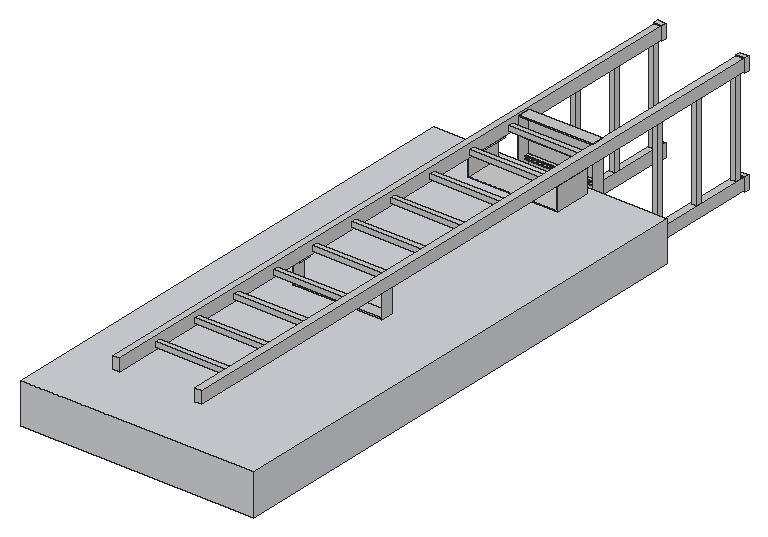
Revit family
Parameters (values of type "Standard")
  Wall To Center Line Of Return Ladder [instance] = 0' - 7"
  Version = "1"
  Tread Lenght [instance] = Ladder Width - 0' 0 1/4"  # 1' - 6 1/8"
  Top of Decking [instance] = 10' - 0"
  Top Support Offset from Decking [instance] = 0' - 6 5/8"  # constant formula
  Series = "Access Ladders"
  Return Support Offset from Decking [instance] = 1' - 0"
  Rungs Quantity Control [instance] = if(Top of Decking - Off Floor Clearance - ((Rungs Quantity - 1) * 12' 0") > 1' 2", Rungs Quantity + 1, Rungs Quantity)  # 10
  Rungs Quantity [instance] = (Top of Decking - Off Floor Clearance) / 1' 0" + 0.49  # 10
  Wall To Center Line Of Ladder [instance] = 0' - 7"
  URL = "http://www.okeeffes.com/"
  Return Rungs Quantity Control [instance] = if(Return Depth - ((Return Rungs Quantity - 1) * 12' 0") > 1' 2", Return Rungs Quantity + 1, Return Rungs Quantity)  # 3
  Return Rungs Quantity [instance] = (Return Depth / 1' 0") + 0.49  # 3
  Return Depth [instance] = 3' - 0"
  Product Page URL = "http://www.okeeffes.com/ladders/details/lad503.pdf"
  Platform Tread Width [instance] = Ladder Width - 0' 0 1/4"  # 1' - 6 1/8"
  Platform Tread Quantity [instance] = (Platform Length / 0' 4 1/2") - 0.49  # 6
  Platform Tread Position [instance] = ((Platform Length - ((0' 4 1/2" * (Platform Tread Quantity - 1)) + 0' 4 1/8")) / 2) + (0' 4 1/8" / 2)  # 0' - 3 1/4"
  Platform Length [instance] = Wall To Center Line Of Ladder + Wall To Center Line Of Return Ladder + Parapet Width + 0' 3"  # 2' - 5"
  Parapet Width [instance] = 1' - 0"
  Overall Width [instance] = Ladder Width + (0' 1 3/4" * 2)  # 1' - 9 7/8"
  Overall Length [instance] = Wall To Center Line Of Ladder + Wall To Center Line Of Return Ladder + Parapet Width + 0' 3"  # 2' - 5"
  Overall Height [instance] = Top of Decking + 0' 5" + 3' 6"  # 13' - 11"
  On Floor Support [instance] = not(Off Floor Support)  # yes
  Bottom Support Offset from Floor [instance] = 1' - 2"
  Off Floor Support [instance] = no
  Model = "503"
  Middle Support Offset from Floor [instance] = if(Off Floor Support, (Top of Decking - Top Support Offset from Decking + Bottom Support Offset from Floor) / 2, (Top of Decking - Top Support Offset from Decking) / 2)  # 4' - 8 11/16"
  Manufacturer = "O'Keeffe's, Inc."  # constant formula
  Off Floor Clearance [instance] = if(Off Floor Support, 0' 4", 0' 0")  # 0' - 0"
  Ladder Width [instance] = 1' - 6 3/8"
  Ladder Material = Aluminum-O'Keeffe's-Standard Mill Finish
  Description = "Tubular Rail High Parapet Access Ladder with Platform and Return"
  Default Elevation = 0' - 0"
  Assembly Code = "B1010700"
Reference planes (in)
  plane 1 "Top of Parapet": y = 63.6915
  plane 2: z = 0
  plane 3 "Center (Left/Right)": x = 0
  plane 4: x = -9.1875
  plane 5: x = 9.1875
  plane 6: x = 10.9375
  plane 7: x = -10.9375
  plane 8: z = 7
  plane 9 "Bottom": y = -56.3085
  plane 10 "Clearence": y = -56.3085
  plane 11: y = 57.0665
  plane 12 "Top": y = 110.6915
  plane 13: y = 96.1915
  plane 14: y = 84.1915
  plane 15: y = 108.1915
  plane 16 "Return Ladder Bottom": y = 27.6915
  plane 17 "Return Ladder CL": z = -19
  plane 18: z = -20.5
  plane 19 "Back": z = -12
  plane 20 "Platform Top": y = 68.6915
  plane 21: z = -19.5
  plane 22: z = 7.5
  plane 23: z = 5.5
  plane 24: y = 51.6915
  plane 25: z = -17.5
  plane 26: y = -42.3085
  plane 27: z = 5.5
  plane 28: y = 0.379
  plane 29: z = 5.5
  plane 30: x = 8.1875
  plane 31: y = 68.5665
  plane 32: z = 8.625
  plane 33 "Tread Position": z = 5.375
Forms (in)
  Extrusion 1, solid
    sketch origin (0, 0, 0) x (1, 0, 0) y (0, 1, 0)
      loop
        line (-28.25, 63.6915) -> (-28.25, -62.96955) -> (28.87372, -62.96955) -> (28.87372, 63.6915) -> (-28.25, 63.6915)
    from 0 to -10
  Extrusion 2, solid, material "Aluminum-O'Keeffe's-Standard Mill Finish", detail levels fine
    sketch origin (0, 110.6915, 0) x (-1, 0, 0) y (0, 0, 1)
      loop
        line (-11.0625, 8.75) -> (-11.0625, 5.5) -> (-9.0625, 5.5) -> (-9.0625, 8.75) -> (-11.0625, 8.75)
      loop
        line (11.0625, 5.5) -> (11.0625, 8.75) -> (9.0625, 8.75) -> (9.0625, 5.5) -> (11.0625, 5.5)
    from 0.1875 to -1
  Sweep 3, solid, material "Aluminum-O'Keeffe's-Standard Mill Finish" <- "Ladder Material"
    path origin (0, 0, 0) x (1, 0, 0) y (0, 1, 0)
      loop
        line (0, 110.6915) -> (0, -56.3085)
    profile origin (0, 27.1915, 0) x (1, 0, 0) y (0, 0, 1)
      loop
        line (10.9375, 5.625) -> (10.9375, 8.625) -> (9.1875, 8.625) -> (9.1875, 5.625) -> (10.9375, 5.625)
      loop
        line (-10.9375, 5.625) -> (-9.1875, 5.625) -> (-9.1875, 8.625) -> (-10.9375, 8.625) -> (-10.9375, 5.625)
  Sweep 4, solid, material "Aluminum-O'Keeffe's-Standard Mill Finish" <- "Ladder Material"
    path origin (0, 0, 0) x (1, 0, 0) y (0, 1, 0)
      loop
        line (0, 110.6915) -> (0, 27.6915)
    profile origin (0, 69.1915, 0) x (1, 0, 0) y (0, 0, 1)
      loop
        line (10.9375, -17.5) -> (9.1875, -17.5) -> (9.1875, -20.5) -> (10.9375, -20.5) -> (10.9375, -17.5)
      loop
        line (-10.9375, -20.5) -> (-9.1875, -20.5) -> (-9.1875, -17.5) -> (-10.9375, -17.5) -> (-10.9375, -20.5)
  Extrusion 5, solid, material "Aluminum-O'Keeffe's-Standard Mill Finish", detail levels fine
    sketch origin (0, 110.6915, 0) x (-1, 0, 0) y (0, 0, 1)
      loop
        line (-11.0625, -17.375) -> (-11.0625, -20.625) -> (-9.0625, -20.625) -> (-9.0625, -17.375) -> (-11.0625, -17.375)
      loop
        line (11.0625, -17.375) -> (9.0625, -17.375) -> (9.0625, -20.625) -> (11.0625, -20.625) -> (11.0625, -17.375)
    from 0.1875 to -1
  Sweep 6, solid, material "Aluminum-O'Keeffe's-Standard Mill Finish" <- "Ladder Material"
    path origin (0, 68.6915, 0) x (-1, 0, 0) y (0, 0, 1)
      loop
        line (-9.1875, -20.5) -> (9.1875, -20.5) -> (9.1875, 8.5) -> (-9.1875, 8.5) -> (-9.1875, -20.5)
    profile origin (9.1875, 68.6915, -6) x (1, 0, 0) y (0, 1, 0)
      loop
        line (-1, 0) -> (-1, -0.125) -> (-0.125, -0.125) -> (-0.125, -3) -> (0, -3) -> (0, 0) -> (-1, 0)
  Sweep 7, solid, material "Aluminum-O'Keeffe's-Standard Mill Finish" <- "Ladder Material"
    path origin (0, 0, 0) x (0, 1, 0) y (0, 0, 1)
      loop
        line (96.1915, -19) -> (96.1915, 7)
    profile origin (0, 96.1915, -6) x (0, -1, 0) y (1, 0, 0)
      loop
        line (0.625, -10.6875) -> (0.625, -9.4375) -> (-0.625, -9.4375) -> (-0.625, -10.6875) -> (0.625, -10.6875)
      loop
        line (0.625, 10.6875) -> (-0.625, 10.6875) -> (-0.625, 9.4375) -> (0.625, 9.4375) -> (0.625, 10.6875)
      loop
        line (-11.375, -10.6875) -> (-11.375, -9.4375) -> (-12.625, -9.4375) -> (-12.625, -10.6875) -> (-11.375, -10.6875)
      loop
        line (-11.375, 10.6875) -> (-12.625, 10.6875) -> (-12.625, 9.4375) -> (-11.375, 9.4375) -> (-11.375, 10.6875)
      loop
        line (11.375, -10.6875) -> (12.625, -10.6875) -> (12.625, -9.4375) -> (11.375, -9.4375) -> (11.375, -10.6875)
      loop
        line (11.375, 10.6875) -> (11.375, 9.4375) -> (12.625, 9.4375) -> (12.625, 10.6875) -> (11.375, 10.6875)
  Sweep 8, solid, material "Aluminum-O'Keeffe's-Standard Mill Finish" <- "Ladder Material"
    path origin (0, 0, 0) x (1, 0, 0) y (0, 1, 0)
      loop
        line (0, 61.5665) -> (0, 52.5665)
    profile origin (0, 57.0665, 0) x (1, 0, 0) y (0, 0, 1)
      loop
        line (9.1875, 5.3125) -> (10.75, 5.3125) -> (10.75, 0.1875) -> (-10.75, 0.1875) -> (-10.75, 5.3125) -> (-9.1875, 5.3125) -> (-9.1875, 5.5) -> (-10.9375, 5.5) -> (-10.9375, 0) -> (10.9375, 0) -> (10.9375, 5.5) -> (9.1875, 5.5) -> (9.1875, 5.3125)
  Sweep 9, solid, material "Aluminum-O'Keeffe's-Standard Mill Finish" <- "Ladder Material"
    path origin (0, 0, -12) x (0, 1, 0) y (-1, 0, 0)
      loop
        line (56.1915, 0) -> (47.1915, 0)
    profile origin (0, 51.6915, -12) x (1, 0, 0) y (0, 0, 1)
      loop
        line (-10.75, -0.1875) -> (10.75, -0.1875) -> (10.75, -5.3125) -> (9.1875, -5.3125) -> (9.1875, -5.5) -> (10.9375, -5.5) -> (10.9375, 0) -> (-10.9375, 0) -> (-10.9375, -5.5) -> (-9.1875, -5.5) -> (-9.1875, -5.3125) -> (-10.75, -5.3125) -> (-10.75, -0.1875)
  Sweep 10, solid, material "Aluminum-O'Keeffe's-Standard Mill Finish" <- "Ladder Material", visible <- "Off Floor Support"
    path origin (0, 0, 0) x (1, 0, 0) y (0, 1, 0)
      loop
        line (0, -37.8085) -> (0, -46.8085)
    profile origin (0, -42.3085, 0) x (1, 0, 0) y (0, 0, 1)
      loop
        line (9.1875, 5.3125) -> (10.75, 5.3125) -> (10.75, 0.1875) -> (-10.75, 0.1875) -> (-10.75, 5.3125) -> (-9.1875, 5.3125) -> (-9.1875, 5.5) -> (-10.9375, 5.5) -> (-10.9375, 0) -> (10.9375, 0) -> (10.9375, 5.5) -> (9.1875, 5.5) -> (9.1875, 5.3125)
  Sweep 11, solid, material "Aluminum-O'Keeffe's-Standard Mill Finish" <- "Ladder Material"
    path origin (0, 0, 0) x (1, 0, 0) y (0, 1, 0)
      loop
        line (0, 1.879) -> (0, -1.121)
    profile origin (0, 0.379, 0) x (1, 0, 0) y (0, 0, 1)
      loop
        line (9.1875, 5.3125) -> (10.75, 5.3125) -> (10.75, 0.1875) -> (-10.75, 0.1875) -> (-10.75, 5.3125) -> (-9.1875, 5.3125) -> (-9.1875, 5.5) -> (-10.9375, 5.5) -> (-10.9375, 0) -> (10.9375, 0) -> (10.9375, 5.5) -> (9.1875, 5.5) -> (9.1875, 5.3125)
Cuts and joins
  joined: Sweep 4, Sweep 7
Lines and regions (in)
  Masking region 1
    outline origin (0, -56.3085, 0) x (-1, 0, 0) y (0, 0, 1)
      loop
        line (-11.0625, 8.75) -> (-11.0625, 5.5) -> (-10.6875, 5.5) -> (-10.6875, -17.375) -> (-11.0625, -17.375) -> (-11.0625, -20.625) -> (-9.0625, -20.625) -> (-9.0625, -17.375) -> (-9.4375, -17.375) -> (-9.4375, 5.5) -> (-9.0625, 5.5) -> (-9.0625, 8.75) -> (-11.0625, 8.75)
      loop
        line (9.0625, 8.75) -> (9.0625, 5.5) -> (9.4375, 5.5) -> (9.4375, -17.375) -> (9.0625, -17.375) -> (9.0625, -20.625) -> (11.0625, -20.625) -> (11.0625, -17.375) -> (10.6875, -17.375) -> (10.6875, 5.375) -> (11.0625, 5.375) -> (11.0625, 8.75) -> (9.0625, 8.75)
  Masking region 2
    outline origin (0, -56.3085, 0) x (-1, 0, 0) y (0, 0, 1)
      loop
        line (9.0625, 8.5) -> (-9.0625, 8.5) -> (-9.0625, 5.5) -> (-9.1875, 5.5) -> (-9.1875, -17.375) -> (-9.0625, -17.375) -> (-9.0625, -20.5) -> (9.0625, -20.5) -> (9.0625, -17.375) -> (9.1875, -17.375) -> (9.1875, 7.5) -> (9.0625, 7.5) -> (9.0625, 8.5)
      loop
        line (-8.1875, 7.5) -> (-8.1875, -19.5) -> (8.1875, -19.5) -> (8.1875, 7.5) -> (-8.1875, 7.5)
  symbolic lines, detail levels medium+fine
    curve 1: line (11.0625, -56.3085, 5.375) -> (9.0625, -56.3085, 5.375)
    curve 2: line (-9.0625, -56.3085, 5.375) -> (-11.0625, -56.3085, 5.375)
    curve 3: line (-11.0625, -56.3085, -17.375) -> (-9.0625, -56.3085, -17.375)
    curve 4: line (9.0625, -56.3085, -17.375) -> (11.0625, -56.3085, -17.375)
Dimensions and locks (in)
  equal spacing: plane 4, plane 3 "Center (Left/Right)", plane 5
  "Ladder Width": plane 4 to plane 5
  "Wall To Center Line Of Ladder": plane 8 to Extrusion 1
  "Off Floor Clearance": plane 10 "Clearence" to plane 9 "Bottom"
  locked: plane 5 to Extrusion 2 sketch curve at 0.125
  locked: plane 6 to Extrusion 2 sketch curve at 0.125
  locked: Extrusion 2 sketch curve to plane 7 at 0.125
  "Top Support Offset from Decking": plane 11 to plane 1 "Top of Parapet"
  locked: plane 18 to plane 17 "Return Ladder CL" at 1.5
  locked: Sweep 3 sketch curve to Sweep 3 sketch curve at 3  (x2)
  "Parapet Width": plane 2 to plane 19 "Back"
  locked: plane 18 to Sweep 4 sketch curve at 3  (x2)
  locked: Sweep 4 to Extrusion 5 sketch curve at 0.125  (x2)
  locked: Extrusion 5 sketch curve to plane 18 at 0.125  (x2)
  locked: Extrusion 5 sketch curve to plane 6 at 0.125
  locked: plane 5 to Extrusion 5 sketch curve at 0.125
  locked: Extrusion 5 sketch curve to plane 7 at 0.125
  locked: Extrusion 5 sketch curve to plane 4 at 0.125
  Extrusion 5 sketch curve to plane 18 = 0' - 0 1/8"
  "Return Depth": plane 16 "Return Ladder Bottom" to plane 1 "Top of Parapet"
  locked: plane 21 to plane 18 at 1
  locked: plane 1 "Top of Parapet" to plane 20 "Platform Top" at 5
  "Top of Decking": plane 1 "Top of Parapet" to plane 9 "Bottom"
  locked: plane 4 to Extrusion 2 sketch curve at 0.125
  locked: Sweep 3 to Extrusion 2 sketch curve at 0.125
  locked: plane 12 "Top" to plane 15 at 2.5
  locked: plane 12 "Top" to plane 20 "Platform Top" at 42
  plane 15 to plane 13 to plane 14 = 1' - 0" locked, 1' - 0" locked
  locked: Extrusion 2 to plane 12 "Top" at 0.1875
  locked: Extrusion 2 to plane 12 "Top" at 1
  Extrusion 5 to plane 12 "Top" to Extrusion 5 = 0' - 0 3/16", 0' - 1"
  locked: Sweep 7 sketch curve to plane 4 at 0.25
  locked: plane 7 to Sweep 7 sketch curve at 0.25
  equal spacing: Sweep 7 sketch curve, plane 13, Sweep 7 sketch curve, locked at 0.625 each  (x2)
  locked: Sweep 7 sketch curve to plane 6 at 0.25
  locked: plane 5 to Sweep 7 sketch curve at 0.25
  equal spacing: Sweep 7 sketch curve, plane 15, Sweep 7 sketch curve, locked at 0.625 each  (x2)
  Sweep 7 sketch curve to plane 14 to Sweep 7 sketch curve = 0' - 0 5/8" locked, 0' - 0 5/8" locked  (x2)
  "Wall To Center Line Of Return Ladder": plane 19 "Back" to plane 17 "Return Ladder CL"
  equal spacing: Sweep 8 sketch curve, plane 11, Sweep 8 sketch curve, locked at 4.5 each
  locked: plane 23 to plane 8 at 1.5
  locked: Sweep 8 sketch curve to plane 23 at 0.1875  (x2)
  locked: plane 7 to Sweep 8 sketch curve at 0.1875
  locked: plane 6 to Sweep 8 sketch curve at 0.1875
  locked: plane 2 to Sweep 8 sketch curve at 0.1875
  equal spacing: plane 6, profile plane, plane 7  (x4)
  locked: plane 17 "Return Ladder CL" to plane 25 at 1.5
  locked: plane 25 to Sweep 9 sketch curve at 0.1875  (x2)
  locked: Sweep 9 sketch curve to plane 19 "Back" at 0.1875
  locked: plane 7 to Sweep 9 sketch curve at 0.1875
  locked: plane 6 to Sweep 9 sketch curve at 0.1875
  locked: Sweep 9 sketch curve to Sweep 9 sketch curve at 9
  locked: Sweep 9 sketch curve to plane 24 at 4.5
  "Return Support Offset from Decking": plane 24 to plane 1 "Top of Parapet"
  locked: plane 27 to plane 8 at 1.5
  locked: Sweep 10 sketch curve to plane 27 at 0.1875  (x2)
  locked: plane 2 to Sweep 10 sketch curve at 0.1875
  locked: plane 7 to Sweep 10 sketch curve at 0.1875
  locked: plane 6 to Sweep 10 sketch curve at 0.1875
  locked: Sweep 10 sketch curve to Sweep 10 sketch curve at 9
  locked: Sweep 10 sketch curve to plane 26 at 4.5
  "Bottom Support Offset from Floor": plane 26 to plane 9 "Bottom"
  locked: Sweep 11 sketch curve to Sweep 11 sketch curve at 3
  locked: Sweep 11 sketch curve to plane 28 at 1.5
  locked: plane 2 to Sweep 11 sketch curve at 0.1875
  locked: plane 7 to Sweep 11 sketch curve at 0.1875
  locked: plane 6 to Sweep 11 sketch curve at 0.1875
  locked: plane 29 to plane 8 at 1.5
  locked: Sweep 11 sketch curve to plane 29 at 0.1875  (x2)
  plane 12 "Top" to plane 9 "Bottom" = 13' - 11"
  "Middle Support Offset from Floor": plane 28 to plane 9 "Bottom"
  equal spacing: group 10, group 9, group 8, group 7, group 6, group 5, group 4, group 3, group 2, group 1  (x3)
  locked: nested 3 to nested 1 at 12
  equal spacing: group 11, group 12, group 13
  equal spacing: group 13, group 12, group 11  (x2)
  locked: nested 12 to nested 2 at 12
  locked: Sweep 6 sketch curve to profile plane at 0.125
  locked: profile plane to Sweep 6 sketch curve at 3
  locked: plane 20 "Platform Top" to plane 31 at 0.125
  locked: Sweep 6 sketch curve to plane 5 at 0.125
  locked: plane 30 to plane 5 at 1
  Extrusion 5 to plane 12 "Top" to Extrusion 5 = 0' - 0 3/16" locked, 0' - 1" locked
  "Platform Tread Position": plane 33 "Tread Position" to plane 32
  locked: plane 8 to plane 32 at 1.625
  locked: plane 22 to plane 8 at 0.5
  locked: plane 7 to plane 4 at 1.75
  locked: plane 5 to plane 6 at 1.75
  aligned and locked: plane 2 to Extrusion 1
  aligned and locked: level to Extrusion 1
  aligned and locked: Extrusion 2 sketch curve to Extrusion 2 sketch curve  (x2)
  aligned and locked: Sweep 3 sketch curve to plane 3 "Center (Left/Right)"
  aligned and locked: plane 12 "Top" to Sweep 3 sketch curve
  aligned and locked: plane 10 "Clearence" to Sweep 3 sketch curve
  aligned and locked: Sweep 3 sketch curve to plane 6
  aligned and locked: plane 5 to Sweep 3 sketch curve
  aligned and locked: Sweep 4 sketch curve to plane 3 "Center (Left/Right)"
  aligned and locked: plane 12 "Top" to Sweep 4 sketch curve
  aligned and locked: plane 16 "Return Ladder Bottom" to Sweep 4 sketch curve
  aligned and locked: plane 6 to Sweep 4 sketch curve
  aligned and locked: plane 18 to Sweep 4 sketch curve  (x2)
  aligned and locked: Sweep 4 sketch curve to plane 5
  aligned and locked: Sweep 4 sketch curve to plane 7
  aligned and locked: plane 4 to Sweep 4 sketch curve
  aligned and locked: profile plane to plane 20 "Platform Top"
  aligned and locked: Sweep 7 sketch curve to plane 13
  aligned and locked: plane 8 to Sweep 7 sketch curve
  aligned and locked: plane 17 "Return Ladder CL" to Sweep 7 sketch curve
  aligned and locked: Sweep 7 sketch curve to Sweep 7 sketch curve  (x8)
  aligned and locked: cut or joined group of Sweep 4, Sweep 7 to Masking region 1 sketch curve  (x4)
  aligned and locked: Masking region 1 sketch curve to Extrusion 5  (x8)
  aligned and locked: curve 3 to Extrusion 5
  aligned and locked: curve 4 to Extrusion 5
  aligned and locked: Masking region 2 sketch curve to Extrusion 5  (x2)
  aligned and locked: Extrusion 5 to Masking region 2 sketch curve  (x2)
  aligned and locked: Sweep 8 sketch curve to plane 3 "Center (Left/Right)"
  aligned and locked: Sweep 8 sketch curve to plane 6
  aligned and locked: plane 2 to Sweep 8 sketch curve
  aligned and locked: plane 7 to Sweep 8 sketch curve
  aligned and locked: Sweep 8 sketch curve to plane 4
  aligned and locked: plane 5 to Sweep 8 sketch curve
  aligned and locked: profile plane to plane 3 "Center (Left/Right)"  (x4)
  aligned and locked: plane 23 to Sweep 8 sketch curve  (x2)
  aligned and locked: Sweep 9 sketch curve to plane 3 "Center (Left/Right)"
  aligned and locked: profile plane to plane 19 "Back"
  aligned and locked: plane 7 to Sweep 9 sketch curve
  aligned and locked: Sweep 9 sketch curve to plane 4
  aligned and locked: Sweep 9 sketch curve to plane 19 "Back"
  aligned and locked: Sweep 9 sketch curve to plane 6
  aligned and locked: plane 5 to Sweep 9 sketch curve
  aligned and locked: Sweep 10 sketch curve to plane 3 "Center (Left/Right)"
  aligned and locked: plane 7 to Sweep 10 sketch curve
  aligned and locked: Sweep 10 sketch curve to level
  aligned and locked: Sweep 10 sketch curve to plane 6
  aligned and locked: plane 5 to Sweep 10 sketch curve
  aligned and locked: Sweep 10 sketch curve to plane 4
  aligned and locked: Sweep 11 sketch curve to plane 3 "Center (Left/Right)"
  aligned and locked: Sweep 11 sketch curve to plane 4
  aligned and locked: plane 7 to Sweep 11 sketch curve
  aligned and locked: plane 2 to Sweep 11 sketch curve
  aligned and locked: Sweep 11 sketch curve to plane 6
  aligned and locked: plane 5 to Sweep 11 sketch curve
  aligned and locked: plane 29 to Sweep 11 sketch curve  (x2)
  aligned and locked: nested 1 to plane 1 "Top of Parapet"
  aligned and locked: nested 2 to plane 1 "Top of Parapet"
  aligned and locked: Masking region 2 sketch curve to plane 22
  aligned and locked: Extrusion 2 to Masking region 2 sketch curve  (x2)
  aligned and locked: Masking region 1 sketch curve to Extrusion 2  (x8)
  aligned and locked: Extrusion 2 to Masking region 1 sketch curve
  aligned and locked: Masking region 2 sketch curve to Extrusion 2
  aligned and locked: Sweep 6 sketch curve to plane 5  (x2)
  aligned and locked: Sweep 6 sketch curve to plane 4
  aligned and locked: plane 18 to Sweep 6 sketch curve
  aligned and locked: profile plane to plane 5
  aligned and locked: Sweep 6 sketch curve to plane 20 "Platform Top"
  aligned and locked: Sweep 6 sketch curve to plane 30
  aligned and locked: Sweep 3 sketch curve to plane 4
  aligned and locked: plane 7 to Sweep 3 sketch curve
  aligned and locked: Masking region 2 sketch curve to Sweep 6  (x4)
  aligned and locked: plane 8 to nested 11
  aligned and locked: plane 8 to nested 1
  aligned and locked: nested 13 to plane 17 "Return Ladder CL"
  aligned and locked: nested 2 to plane 17 "Return Ladder CL"
  aligned and locked: plane 3 "Center (Left/Right)" to nested 1
  aligned and locked: plane 3 "Center (Left/Right)" to nested 11
  aligned and locked: nested 14 to plane 3 "Center (Left/Right)"
  aligned and locked: nested 14 to plane 33 "Tread Position"
  aligned and locked: Sweep 3 sketch curve to plane 32
  aligned and locked: plane 32 to Sweep 3 sketch curve
  aligned and locked: Sweep 6 to plane 31
  aligned and locked: plane 31 to nested 14
Automatic sketch dimensions
  Extrusion 1 sketch curve to Extrusion 1 sketch curve = 4' - 9.12372"
  Extrusion 1 sketch curve to Extrusion 1 sketch curve = 10' - 6.66105"
  profile plane to Sweep 7 sketch curve = 0' - 0 5/8"  (x2)
  Sweep 7 sketch curve to Sweep 7 sketch curve = 1' - 0"  (x2)
  Masking region 1 sketch curve to plane 17 "Return Ladder CL" = 0' - 1 5/8"  (x2)
  Masking region 1 sketch curve to plane 8 = 0' - 1 5/8"
  curve 1 to plane 5 = 0' - 0 1/8"
  curve 4 to plane 5 = 0' - 0 1/8"
  plane 6 to curve 4 = 0' - 0 1/8"
  plane 6 to curve 1 = 0' - 0 1/8"
  plane 4 to curve 2 = 0' - 0 1/8"
  plane 4 to curve 3 = 0' - 0 1/8"
  curve 2 to plane 7 = 0' - 0 1/8"
  curve 3 to plane 7 = 0' - 0 1/8"
  Sweep 8 sketch curve to plane 11 = 0' - 4 1/2"
  Sweep 9 sketch curve to Sweep 9 sketch curve = 0' - 0 3/16"  (x2)
  Sweep 10 sketch curve to Sweep 10 sketch curve = 0' - 0 3/16"  (x2)
  curve 1 to plane 8 = 0' - 1 5/8"
  curve 2 to plane 8 = 0' - 1 5/8"
  Masking region 2 sketch curve to plane 5 = 0' - 0"
  Masking region 2 sketch curve to plane 4 = 0' - 0"
  Masking region 2 sketch curve to plane 18 = 0' - 0"
  Sweep 3 to Extrusion 2 sketch curve = 0' - 0 1/8"
  plane 22 to Sweep 6 sketch curve = 0' - 1"
  plane 22 to Masking region 2 sketch curve = 0' - 1"
Nested families (in)
  nested 1: "Ladder-O'Keeffe's-Rung" at (0, 63.0665, 6.375), Tread Material <- "Ladder Material", type "Standard"
    with Tread Material Aluminum-O'Keeffe's-Standard Mill Finish, Width 1' - 6 3/8"
  nested 2: "Ladder-O'Keeffe's-Rung" at (0, 63.0665, -19.625), Tread Material <- "Ladder Material", type "Standard"
    with Tread Material Aluminum-O'Keeffe's-Standard Mill Finish, Width 1' - 6 3/8"
  nested 3: "Ladder-O'Keeffe's-Rung" at (0, 51.0665, 6.375), Tread Material <- "Ladder Material", type "Standard"
    with Tread Material Aluminum-O'Keeffe's-Standard Mill Finish, Width 1' - 6 3/8"
  nested 4: "Ladder-O'Keeffe's-Rung" at (0, 39.0665, 6.375), Tread Material <- "Ladder Material", type "Standard"
    with Tread Material Aluminum-O'Keeffe's-Standard Mill Finish, Width 1' - 6 3/8"
  nested 5: "Ladder-O'Keeffe's-Rung" at (0, 27.0665, 6.375), Tread Material <- "Ladder Material", type "Standard"
    with Tread Material Aluminum-O'Keeffe's-Standard Mill Finish, Width 1' - 6 3/8"
  nested 6: "Ladder-O'Keeffe's-Rung" at (0, 15.0665, 6.375), Tread Material <- "Ladder Material", type "Standard"
    with Tread Material Aluminum-O'Keeffe's-Standard Mill Finish, Width 1' - 6 3/8"
  nested 7: "Ladder-O'Keeffe's-Rung" at (0, 3.0665, 6.375), Tread Material <- "Ladder Material", type "Standard"
    with Tread Material Aluminum-O'Keeffe's-Standard Mill Finish, Width 1' - 6 3/8"
  nested 8: "Ladder-O'Keeffe's-Rung" at (0, -8.9335, 6.375), Tread Material <- "Ladder Material", type "Standard"
    with Tread Material Aluminum-O'Keeffe's-Standard Mill Finish, Width 1' - 6 3/8"
  nested 9: "Ladder-O'Keeffe's-Rung" at (0, -20.9335, 6.375), Tread Material <- "Ladder Material", type "Standard"
    with Tread Material Aluminum-O'Keeffe's-Standard Mill Finish, Width 1' - 6 3/8"
  nested 10: "Ladder-O'Keeffe's-Rung" at (0, -32.9335, 6.375), Tread Material <- "Ladder Material", type "Standard"
    with Tread Material Aluminum-O'Keeffe's-Standard Mill Finish, Width 1' - 6 3/8"
  nested 11: "Ladder-O'Keeffe's-Rung" at (0, -44.9335, 6.375), Tread Material <- "Ladder Material", type "Standard"
    with Tread Material Aluminum-O'Keeffe's-Standard Mill Finish, Width 1' - 6 3/8"
  nested 12: "Ladder-O'Keeffe's-Rung" at (0, 51.0665, -19.625), Tread Material <- "Ladder Material", type "Standard"
    with Tread Material Aluminum-O'Keeffe's-Standard Mill Finish, Width 1' - 6 3/8"
  nested 13: "Ladder-O'Keeffe's-Rung" at (0, 39.0665, -19.625), Tread Material <- "Ladder Material", type "Standard"
    with Tread Material Aluminum-O'Keeffe's-Standard Mill Finish, Width 1' - 6 3/8"
  nested 14: "Ladder-O'Keeffe's-Tread" at (0, 67.3165, 5.375) x (-1, 0, 0) z (0, 1, 0), Platform Tread Quantity <- "Platform Tread Quantity", Width <- "Platform Tread Width", type "Tread"
    with Width 1' - 6 1/8", W2 0' - 9 1/16", Platform Tread Quantity 6
Definition of nested family "Ladder-O'Keeffe's-Rung"
  Parameters (values of type "Standard")
    Width = 1' - 6"
    Tread Material [instance] = none
    Default Elevation = 4' - 0"
    Assembly Code = ""
  Reference planes (in)
    plane 1 "Center (Front/Back)": y = 0
    plane 2: z = 0
    plane 3 "Center (Left/Right)": x = 0
    plane 4: y = 0.625
    plane 5: y = -0.625
    plane 6: x = -9
    plane 7: x = 9
    plane 8: z = 1.25
    plane 9: z = 0.625
  Forms (in)
    Sweep 1, solid, material <- "Tread Material"
      path origin (0, 0, 0) x (1, 0, 0) y (0, 1, 0)
        loop
          line (-9, 0) -> (9, 0)
      profile origin (0, 0, 0) x (0, 1, 0) y (0, 0, 1)
        loop
          line (0.625, 1.25) -> (-0.625, 1.25) -> (-0.625, 0) -> (0.625, 0) -> (0.625, 1.25)
  Dimensions and locks (in)
    equal spacing: plane 6, plane 3 "Center (Left/Right)", plane 7
    "Width": plane 6 to plane 7
    locked: plane 8 to plane 2 at 1.25
    equal spacing: plane 4, plane 1 "Center (Front/Back)", plane 5
    locked: plane 4 to plane 5 at 1.25
    equal spacing: plane 8, plane 9, level, locked at 0.625 each
    aligned and locked: plane 2 to level
    aligned and locked: plane 6 to Sweep 1 sketch curve
    aligned and locked: plane 7 to Sweep 1 sketch curve
    aligned and locked: plane 1 "Center (Front/Back)" to Sweep 1 sketch curve
    aligned and locked: profile plane to Sweep 1 sketch curve
    aligned and locked: Sweep 1 sketch curve to plane 8
  Automatic sketch dimensions
    profile plane to Sweep 1 sketch curve = 0' - 0 5/8"
    Sweep 1 sketch curve to profile plane = 0' - 0 5/8"
Definition of nested family "Ladder-O'Keeffe's-Tread"
  Parameters (values of type "Tread")
    Width [instance] = 1' - 3 3/4"
    W2 [instance] = Width / 2  # 0' - 7 7/8"
    Tread Material = Aluminum-O'Keeffe's-Standard Mill Finish
    Platform Tread Quantity [instance] = 10
    Default Elevation = 4' - 0"
    Assembly Code = ""
  Reference planes (in)
    plane 1 "Center (Front/Back)": y = 0
    plane 2: z = 0
    plane 3 "Center (Left/Right)": x = 0
    plane 4: y = 2.0625
    plane 5: y = -2.0625
    plane 6: z = 1.25
    plane 7: x = -7.875
    plane 8: x = 7.875
    plane 9: x = -7.875
    plane 10: x = 7.875
    plane 11: x = -7.875
    plane 12: x = 7.875
    plane 13: x = -7.875
    plane 14: x = 7.875
    plane 15: x = -7.875
    plane 16: x = 7.875
    plane 17: x = -7.875
    plane 18: x = 7.875
    plane 19: x = -7.875
    plane 20: x = 7.875
    plane 21: x = -7.875
    plane 22: x = 7.875
    plane 23: x = -7.875
    plane 24: x = 7.875
    plane 25: x = -7.875
    plane 26: x = 7.875
  Forms (in)
    Sweep 1, solid, material "Aluminum-O'Keeffe's-Standard Mill Finish" <- "Tread Material"
      path origin (-0.125, 0, 0) x (1, 0, 0) y (0, 1, 0)
        loop
          line (-7.75, 0) -> (8, 0)
      profile origin (0, 0, 0) x (0, 1, 0) y (0, 0, 1)
        loop
          line (-1.9375, 1.125) -> (1.9375, 1.125) -> (1.9375, 0.125) -> (1.8125, 0.125) -> (1.8125, 0) -> (2.0625, 0) -> (2.0625, 1.125) -> (1.9375, 1.25) -> (-1.9375, 1.25) -> (-2.0625, 1.125) -> (-2.0625, 0) -> (-1.8125, 0) -> (-1.8125, 0.125) -> (-1.9375, 0.125) -> (-1.9375, 1.125)
    Sweep 2, solid, material "Aluminum-O'Keeffe's-Standard Mill Finish" <- "Tread Material"
      path origin (-0.125, -4.5, 0) x (1, 0, 0) y (0, 1, 0)
        loop
          line (-7.75, 0) -> (8, 0)
      profile origin (0, -4.5, 0) x (0, 1, 0) y (0, 0, 1)
        loop
          line (-1.9375, 1.125) -> (1.9375, 1.125) -> (1.9375, 0.125) -> (1.8125, 0.125) -> (1.8125, 0) -> (2.0625, 0) -> (2.0625, 1.125) -> (1.9375, 1.25) -> (-1.9375, 1.25) -> (-2.0625, 1.125) -> (-2.0625, 0) -> (-1.8125, 0) -> (-1.8125, 0.125) -> (-1.9375, 0.125) -> (-1.9375, 1.125)
    Sweep 3, solid, material "Aluminum-O'Keeffe's-Standard Mill Finish" <- "Tread Material"
      path origin (-0.125, -9, 0) x (1, 0, 0) y (0, 1, 0)
        loop
          line (-7.75, 0) -> (8, 0)
      profile origin (0, -9, 0) x (0, 1, 0) y (0, 0, 1)
        loop
          line (-1.9375, 1.125) -> (1.9375, 1.125) -> (1.9375, 0.125) -> (1.8125, 0.125) -> (1.8125, 0) -> (2.0625, 0) -> (2.0625, 1.125) -> (1.9375, 1.25) -> (-1.9375, 1.25) -> (-2.0625, 1.125) -> (-2.0625, 0) -> (-1.8125, 0) -> (-1.8125, 0.125) -> (-1.9375, 0.125) -> (-1.9375, 1.125)
    Sweep 4, solid, material "Aluminum-O'Keeffe's-Standard Mill Finish" <- "Tread Material"
      path origin (-0.125, -13.5, 0) x (1, 0, 0) y (0, 1, 0)
        loop
          line (-7.75, 0) -> (8, 0)
      profile origin (0, -13.5, 0) x (0, 1, 0) y (0, 0, 1)
        loop
          line (-1.9375, 1.125) -> (1.9375, 1.125) -> (1.9375, 0.125) -> (1.8125, 0.125) -> (1.8125, 0) -> (2.0625, 0) -> (2.0625, 1.125) -> (1.9375, 1.25) -> (-1.9375, 1.25) -> (-2.0625, 1.125) -> (-2.0625, 0) -> (-1.8125, 0) -> (-1.8125, 0.125) -> (-1.9375, 0.125) -> (-1.9375, 1.125)
    Sweep 5, solid, material "Aluminum-O'Keeffe's-Standard Mill Finish" <- "Tread Material"
      path origin (-0.125, -18, 0) x (1, 0, 0) y (0, 1, 0)
        loop
          line (-7.75, 0) -> (8, 0)
      profile origin (0, -18, 0) x (0, 1, 0) y (0, 0, 1)
        loop
          line (-1.9375, 1.125) -> (1.9375, 1.125) -> (1.9375, 0.125) -> (1.8125, 0.125) -> (1.8125, 0) -> (2.0625, 0) -> (2.0625, 1.125) -> (1.9375, 1.25) -> (-1.9375, 1.25) -> (-2.0625, 1.125) -> (-2.0625, 0) -> (-1.8125, 0) -> (-1.8125, 0.125) -> (-1.9375, 0.125) -> (-1.9375, 1.125)
    Sweep 6, solid, material "Aluminum-O'Keeffe's-Standard Mill Finish" <- "Tread Material"
      path origin (-0.125, -22.5, 0) x (1, 0, 0) y (0, 1, 0)
        loop
          line (-7.75, 0) -> (8, 0)
      profile origin (0, -22.5, 0) x (0, 1, 0) y (0, 0, 1)
        loop
          line (-1.9375, 1.125) -> (1.9375, 1.125) -> (1.9375, 0.125) -> (1.8125, 0.125) -> (1.8125, 0) -> (2.0625, 0) -> (2.0625, 1.125) -> (1.9375, 1.25) -> (-1.9375, 1.25) -> (-2.0625, 1.125) -> (-2.0625, 0) -> (-1.8125, 0) -> (-1.8125, 0.125) -> (-1.9375, 0.125) -> (-1.9375, 1.125)
    Sweep 7, solid, material "Aluminum-O'Keeffe's-Standard Mill Finish" <- "Tread Material"
      path origin (-0.125, -27, 0) x (1, 0, 0) y (0, 1, 0)
        loop
          line (-7.75, 0) -> (8, 0)
      profile origin (0, -27, 0) x (0, 1, 0) y (0, 0, 1)
        loop
          line (-1.9375, 1.125) -> (1.9375, 1.125) -> (1.9375, 0.125) -> (1.8125, 0.125) -> (1.8125, 0) -> (2.0625, 0) -> (2.0625, 1.125) -> (1.9375, 1.25) -> (-1.9375, 1.25) -> (-2.0625, 1.125) -> (-2.0625, 0) -> (-1.8125, 0) -> (-1.8125, 0.125) -> (-1.9375, 0.125) -> (-1.9375, 1.125)
    Sweep 8, solid, material "Aluminum-O'Keeffe's-Standard Mill Finish" <- "Tread Material"
      path origin (-0.125, -31.5, 0) x (1, 0, 0) y (0, 1, 0)
        loop
          line (-7.75, 0) -> (8, 0)
      profile origin (0, -31.5, 0) x (0, 1, 0) y (0, 0, 1)
        loop
          line (-1.9375, 1.125) -> (1.9375, 1.125) -> (1.9375, 0.125) -> (1.8125, 0.125) -> (1.8125, 0) -> (2.0625, 0) -> (2.0625, 1.125) -> (1.9375, 1.25) -> (-1.9375, 1.25) -> (-2.0625, 1.125) -> (-2.0625, 0) -> (-1.8125, 0) -> (-1.8125, 0.125) -> (-1.9375, 0.125) -> (-1.9375, 1.125)
    Sweep 9, solid, material "Aluminum-O'Keeffe's-Standard Mill Finish" <- "Tread Material"
      path origin (-0.125, -36, 0) x (1, 0, 0) y (0, 1, 0)
        loop
          line (-7.75, 0) -> (8, 0)
      profile origin (0, -36, 0) x (0, 1, 0) y (0, 0, 1)
        loop
          line (-1.9375, 1.125) -> (1.9375, 1.125) -> (1.9375, 0.125) -> (1.8125, 0.125) -> (1.8125, 0) -> (2.0625, 0) -> (2.0625, 1.125) -> (1.9375, 1.25) -> (-1.9375, 1.25) -> (-2.0625, 1.125) -> (-2.0625, 0) -> (-1.8125, 0) -> (-1.8125, 0.125) -> (-1.9375, 0.125) -> (-1.9375, 1.125)
    Sweep 10, solid, material "Aluminum-O'Keeffe's-Standard Mill Finish" <- "Tread Material"
      path origin (-0.125, -40.5, 0) x (1, 0, 0) y (0, 1, 0)
        loop
          line (-7.75, 0) -> (8, 0)
      profile origin (0, -40.5, 0) x (0, 1, 0) y (0, 0, 1)
        loop
          line (-1.9375, 1.125) -> (1.9375, 1.125) -> (1.9375, 0.125) -> (1.8125, 0.125) -> (1.8125, 0) -> (2.0625, 0) -> (2.0625, 1.125) -> (1.9375, 1.25) -> (-1.9375, 1.25) -> (-2.0625, 1.125) -> (-2.0625, 0) -> (-1.8125, 0) -> (-1.8125, 0.125) -> (-1.9375, 0.125) -> (-1.9375, 1.125)
  Lines and regions (in)
    Masking region 1
      outline origin (0.875, 0, 0) x (1, 0, 0) y (0, 1, 0)
        loop
          line (7, 2.0625) -> (-8.75, 2.0625) -> (-8.75, -2.0625) -> (7, -2.0625) -> (7, 2.0625)
    Masking region 2
      outline origin (0.875, -4.5, 0) x (1, 0, 0) y (0, 1, 0)
        loop
          line (7, 2.0625) -> (-8.75, 2.0625) -> (-8.75, -2.0625) -> (7, -2.0625) -> (7, 2.0625)
    Masking region 3
      outline origin (0.875, -9, 0) x (1, 0, 0) y (0, 1, 0)
        loop
          line (7, 2.0625) -> (-8.75, 2.0625) -> (-8.75, -2.0625) -> (7, -2.0625) -> (7, 2.0625)
    Masking region 4
      outline origin (0.875, -13.5, 0) x (1, 0, 0) y (0, 1, 0)
        loop
          line (7, 2.0625) -> (-8.75, 2.0625) -> (-8.75, -2.0625) -> (7, -2.0625) -> (7, 2.0625)
    Masking region 5
      outline origin (0.875, -18, 0) x (1, 0, 0) y (0, 1, 0)
        loop
          line (7, 2.0625) -> (-8.75, 2.0625) -> (-8.75, -2.0625) -> (7, -2.0625) -> (7, 2.0625)
    Masking region 6
      outline origin (0.875, -22.5, 0) x (1, 0, 0) y (0, 1, 0)
        loop
          line (7, 2.0625) -> (-8.75, 2.0625) -> (-8.75, -2.0625) -> (7, -2.0625) -> (7, 2.0625)
    Masking region 7
      outline origin (0.875, -27, 0) x (1, 0, 0) y (0, 1, 0)
        loop
          line (7, 2.0625) -> (-8.75, 2.0625) -> (-8.75, -2.0625) -> (7, -2.0625) -> (7, 2.0625)
    Masking region 8
      outline origin (0.875, -31.5, 0) x (1, 0, 0) y (0, 1, 0)
        loop
          line (7, 2.0625) -> (-8.75, 2.0625) -> (-8.75, -2.0625) -> (7, -2.0625) -> (7, 2.0625)
    Masking region 9
      outline origin (0.875, -36, 0) x (1, 0, 0) y (0, 1, 0)
        loop
          line (7, 2.0625) -> (-8.75, 2.0625) -> (-8.75, -2.0625) -> (7, -2.0625) -> (7, 2.0625)
    Masking region 10
      outline origin (0.875, -40.5, 0) x (1, 0, 0) y (0, 1, 0)
        loop
          line (7, 2.0625) -> (-8.75, 2.0625) -> (-8.75, -2.0625) -> (7, -2.0625) -> (7, 2.0625)
  Dimensions and locks (in)
    locked: plane 4 to plane 5 at 4.125
    equal spacing: plane 4, plane 1 "Center (Front/Back)", plane 5
    locked: plane 6 to plane 2 at 1.25
    "Width": plane 7 to plane 8
    locked: profile plane to Sweep 1 sketch curve at 1.25
    locked: profile plane to Sweep 1 sketch curve at 1.125
    locked: Sweep 1 sketch curve to profile plane at 0.125  (x2)
    equal spacing: Sweep 1 sketch curve, profile plane, Sweep 1 sketch curve  (x2)
    locked: Sweep 1 sketch curve to profile plane at 1.9375  (x2)
    locked: Sweep 1 sketch curve to profile plane at 2.0625
    locked: Sweep 1 sketch curve to profile plane at 1.125
    "Width": plane 9 to plane 10
    locked: profile plane to Sweep 2 sketch curve at 1.25
    locked: profile plane to Sweep 2 sketch curve at 1.125
    locked: Sweep 2 sketch curve to profile plane at 0.125  (x2)
    equal spacing: Sweep 2 sketch curve, profile plane, Sweep 2 sketch curve  (x2)
    locked: Sweep 2 sketch curve to profile plane at 1.9375  (x2)
    locked: Sweep 2 sketch curve to profile plane at 2.0625
    locked: Sweep 2 sketch curve to profile plane at 1.125
    equal spacing: group 1, group 2, group 3, group 4, group 5, group 6, group 7, group 8, group 9, group 10  (x2)
    equal spacing: group 10, group 9, group 8, group 7, group 6, group 5, group 4, group 3, group 2, group 1
    "W2": Sweep 1 to plane 3 "Center (Left/Right)"
    "W2": Sweep 2 to plane 3 "Center (Left/Right)"
    "Width": plane 11 to plane 12
    locked: profile plane to Sweep 3 sketch curve at 1.25
    locked: profile plane to Sweep 3 sketch curve at 1.125
    locked: Sweep 3 sketch curve to profile plane at 0.125  (x2)
    equal spacing: Sweep 3 sketch curve, profile plane, Sweep 3 sketch curve  (x2)
    locked: Sweep 3 sketch curve to profile plane at 1.9375  (x2)
    locked: Sweep 3 sketch curve to profile plane at 2.0625
    locked: Sweep 3 sketch curve to profile plane at 1.125
    "Width": plane 13 to plane 14
    locked: profile plane to Sweep 4 sketch curve at 1.25
    locked: profile plane to Sweep 4 sketch curve at 1.125
    locked: Sweep 4 sketch curve to profile plane at 0.125  (x2)
    equal spacing: Sweep 4 sketch curve, profile plane, Sweep 4 sketch curve  (x2)
    locked: Sweep 4 sketch curve to profile plane at 1.9375  (x2)
    locked: Sweep 4 sketch curve to profile plane at 2.0625
    locked: Sweep 4 sketch curve to profile plane at 1.125
    "Width": plane 15 to plane 16
    locked: profile plane to Sweep 5 sketch curve at 1.25
    locked: profile plane to Sweep 5 sketch curve at 1.125
    locked: Sweep 5 sketch curve to profile plane at 0.125  (x2)
    equal spacing: Sweep 5 sketch curve, profile plane, Sweep 5 sketch curve  (x2)
    locked: Sweep 5 sketch curve to profile plane at 1.9375  (x2)
    locked: Sweep 5 sketch curve to profile plane at 2.0625
    locked: Sweep 5 sketch curve to profile plane at 1.125
    "Width": plane 17 to plane 18
    locked: profile plane to Sweep 6 sketch curve at 1.25
    locked: profile plane to Sweep 6 sketch curve at 1.125
    locked: Sweep 6 sketch curve to profile plane at 0.125  (x2)
    equal spacing: Sweep 6 sketch curve, profile plane, Sweep 6 sketch curve  (x2)
    locked: Sweep 6 sketch curve to profile plane at 1.9375  (x2)
    locked: Sweep 6 sketch curve to profile plane at 2.0625
    locked: Sweep 6 sketch curve to profile plane at 1.125
    "Width": plane 19 to plane 20
    locked: profile plane to Sweep 7 sketch curve at 1.25
    locked: profile plane to Sweep 7 sketch curve at 1.125
    locked: Sweep 7 sketch curve to profile plane at 0.125  (x2)
    equal spacing: Sweep 7 sketch curve, profile plane, Sweep 7 sketch curve  (x2)
    locked: Sweep 7 sketch curve to profile plane at 1.9375  (x2)
    locked: Sweep 7 sketch curve to profile plane at 2.0625
    locked: Sweep 7 sketch curve to profile plane at 1.125
    "Width": plane 21 to plane 22
    locked: profile plane to Sweep 8 sketch curve at 1.25
    locked: profile plane to Sweep 8 sketch curve at 1.125
    locked: Sweep 8 sketch curve to profile plane at 0.125  (x2)
    equal spacing: Sweep 8 sketch curve, profile plane, Sweep 8 sketch curve  (x2)
    locked: Sweep 8 sketch curve to profile plane at 1.9375  (x2)
    locked: Sweep 8 sketch curve to profile plane at 2.0625
    locked: Sweep 8 sketch curve to profile plane at 1.125
    "Width": plane 23 to plane 24
    locked: profile plane to Sweep 9 sketch curve at 1.25
    locked: profile plane to Sweep 9 sketch curve at 1.125
    locked: Sweep 9 sketch curve to profile plane at 0.125  (x2)
    equal spacing: Sweep 9 sketch curve, profile plane, Sweep 9 sketch curve  (x2)
    locked: Sweep 9 sketch curve to profile plane at 1.9375  (x2)
    locked: Sweep 9 sketch curve to profile plane at 2.0625
    locked: Sweep 9 sketch curve to profile plane at 1.125
    "Width": plane 25 to plane 26
    locked: profile plane to Sweep 10 sketch curve at 1.25
    locked: profile plane to Sweep 10 sketch curve at 1.125
    locked: Sweep 10 sketch curve to profile plane at 0.125  (x2)
    equal spacing: Sweep 10 sketch curve, profile plane, Sweep 10 sketch curve  (x2)
    locked: Sweep 10 sketch curve to profile plane at 1.9375  (x2)
    locked: Sweep 10 sketch curve to profile plane at 2.0625
    locked: Sweep 10 sketch curve to profile plane at 1.125
    aligned and locked: plane 2 to level
    aligned and locked: plane 7 to Sweep 1 sketch curve
    aligned and locked: plane 9 to Sweep 2 sketch curve
    aligned and locked: plane 11 to Sweep 3 sketch curve
    aligned and locked: plane 13 to Sweep 4 sketch curve
    aligned and locked: plane 15 to Sweep 5 sketch curve
    aligned and locked: plane 17 to Sweep 6 sketch curve
    aligned and locked: plane 19 to Sweep 7 sketch curve
    aligned and locked: plane 21 to Sweep 8 sketch curve
    aligned and locked: plane 23 to Sweep 9 sketch curve
    aligned and locked: plane 25 to Sweep 10 sketch curve
    aligned and locked: Masking region 1 sketch curve to Sweep 1  (x4)
    aligned and locked: Masking region 2 sketch curve to Sweep 2  (x4)
    aligned and locked: Masking region 3 sketch curve to Sweep 3  (x4)
    aligned and locked: Masking region 4 sketch curve to Sweep 4  (x4)
    aligned and locked: Masking region 5 sketch curve to Sweep 5  (x4)
    aligned and locked: Masking region 6 sketch curve to Sweep 6  (x4)
    aligned and locked: Masking region 7 sketch curve to Sweep 7  (x4)
    aligned and locked: Masking region 8 sketch curve to Sweep 8  (x4)
    aligned and locked: Masking region 9 sketch curve to Sweep 9  (x4)
    aligned and locked: Masking region 10 sketch curve to Sweep 10  (x4)
  Automatic sketch dimensions
    Sweep 1 sketch curve to plane 8 = 0' - 0"
    Sweep 1 sketch curve to Sweep 1 sketch curve = 0' - 0 1/8"  (x3)
    Sweep 1 sketch curve to Sweep 1 sketch curve = 0' - 0"
    Sweep 1 sketch curve to profile plane = 0' - 0"  (x2)
    Sweep 2 sketch curve to plane 10 = 0' - 0"
    Sweep 2 sketch curve to Sweep 2 sketch curve = 0' - 0 1/8"  (x3)
    Sweep 2 sketch curve to Sweep 2 sketch curve = 0' - 0"
    Sweep 2 sketch curve to profile plane = 0' - 0"  (x2)
    Sweep 3 sketch curve to plane 12 = 0' - 0"
    Sweep 3 sketch curve to Sweep 3 sketch curve = 0' - 0 1/8"  (x3)
    Sweep 3 sketch curve to Sweep 3 sketch curve = 0' - 0"
    Sweep 3 sketch curve to profile plane = 0' - 0"  (x2)
    Sweep 4 sketch curve to plane 14 = 0' - 0"
    Sweep 4 sketch curve to Sweep 4 sketch curve = 0' - 0 1/8"  (x3)
    Sweep 4 sketch curve to Sweep 4 sketch curve = 0' - 0"
    Sweep 4 sketch curve to profile plane = 0' - 0"  (x2)
    Sweep 5 sketch curve to plane 16 = 0' - 0"
    Sweep 5 sketch curve to Sweep 5 sketch curve = 0' - 0 1/8"  (x3)
    Sweep 5 sketch curve to Sweep 5 sketch curve = 0' - 0"
    Sweep 5 sketch curve to profile plane = 0' - 0"  (x2)
    Sweep 6 sketch curve to plane 18 = 0' - 0"
    Sweep 6 sketch curve to Sweep 6 sketch curve = 0' - 0 1/8"  (x3)
    Sweep 6 sketch curve to Sweep 6 sketch curve = 0' - 0"
    Sweep 6 sketch curve to profile plane = 0' - 0"  (x2)
    Sweep 7 sketch curve to plane 20 = 0' - 0"
    Sweep 7 sketch curve to Sweep 7 sketch curve = 0' - 0 1/8"  (x3)
    Sweep 7 sketch curve to Sweep 7 sketch curve = 0' - 0"
    Sweep 7 sketch curve to profile plane = 0' - 0"  (x2)
    Sweep 8 sketch curve to plane 22 = 0' - 0"
    Sweep 8 sketch curve to Sweep 8 sketch curve = 0' - 0 1/8"  (x3)
    Sweep 8 sketch curve to Sweep 8 sketch curve = 0' - 0"
    Sweep 8 sketch curve to profile plane = 0' - 0"  (x2)
    Sweep 9 sketch curve to plane 24 = 0' - 0"
    Sweep 9 sketch curve to Sweep 9 sketch curve = 0' - 0 1/8"  (x3)
    Sweep 9 sketch curve to Sweep 9 sketch curve = 0' - 0"
    Sweep 9 sketch curve to profile plane = 0' - 0"  (x2)
    Sweep 10 sketch curve to plane 26 = 0' - 0"
    Sweep 10 sketch curve to Sweep 10 sketch curve = 0' - 0 1/8"  (x3)
    Sweep 10 sketch curve to Sweep 10 sketch curve = 0' - 0"
    Sweep 10 sketch curve to profile plane = 0' - 0"  (x2)
